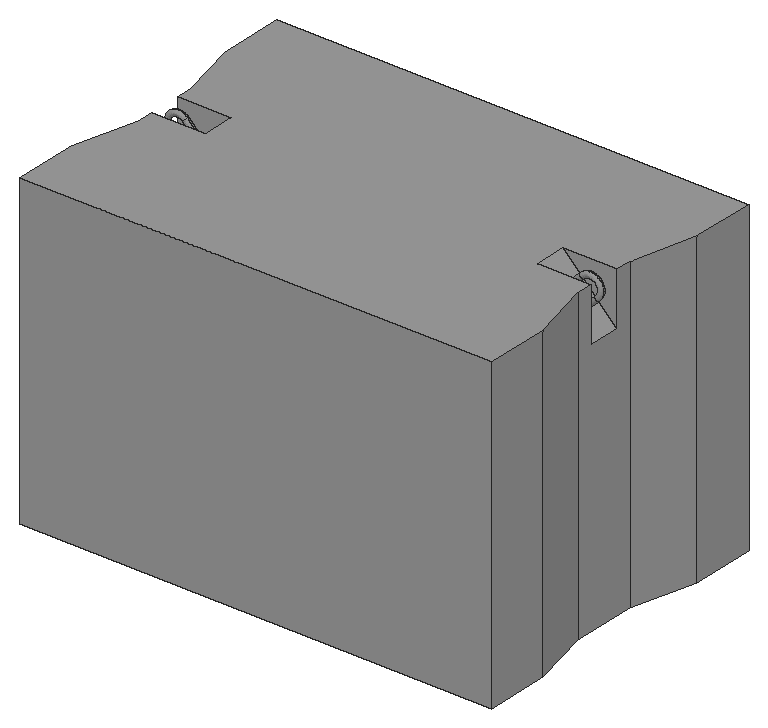
Revit family "GP_ФБС_R15", category Обобщенные модели, Revit 2015
Parameters (values of type "ФБС9.6.6-Т")
  Стоимость = 1500
  Описание = "Фундаментный бетонный блок"  # constant formula
  Материал несущих конструкций = Бетон_B7.5_F100_W2
  Изображение типоразмера = ФБС.png
  Изготовитель = "ООО «Компания Фурор-Строй»"  # constant formula
  Model = ""
  l2 = 100 mm
  l1 = 30 mm
  d3 = 40 mm
  d2 = 40 mm
  d1 = 120 mm
  GP_Электронная почта = "furorstroy@yandex.ru"  # constant formula
  GP_Прочность = "B7.5"  # constant formula
  GP_Объем = 0.293 m³
  GP_Морозостойкость = "F100"  # constant formula
  GP_Масса = 700 kg
  GP_Логотип компании = 0
  GP_Контактный телефон = "‎8-495-999-46-60, ‎8-916-155-11-85"  # constant formula
  GP_Водонепроницаемость = "W2"  # constant formula
  GP_Адрес = "Московская область, г. Подольск, ул. Шамотная, д. 11А"  # constant formula
  ADSK_Размер_Ширина = 600 mm
  ADSK_Размер_Длина = 880 mm
  ADSK_Размер_Высота = 580 mm
  ADSK_Наименование = "Фундаментный бетонный блок 9.6.6-Т"
  ADSK_Марка = "9.6.6-Т"
  ADSK_URL страницы изделия = "http://gbi-podolsk.ru/fbs/fundamentalny_blok_fbs_9_6_6t/"
Types (16, lengths in mm): name | Стоимость | Model | l1 | d1 | GP_Объем | GP_Масса | ADSK_Размер_Ширина | ADSK_Размер_Длина | ADSK_Размер_Высота | ADSK_Наименование | ADSK_Марка | ADSK_URL страницы изделия
  (no name) | 1500 | "" | 30 | 120 | 0.293 m³ | 700 kg | 600 | 880 | 580 | "Фундаментный бетонный блок 9.6.6-Т" | "9.6.6-Т" | "http://gbi-podolsk.ru/fbs/fundamentalny_blok_fbs_9_6_6t/"
  ФБС24.3.6-Т | 1700 | "ФБС" | 20 | 50 | 0.406 m³ | 970 kg | 300 | 2380 | 580 | "Фундаментный бетонный блок 24.3.6-Т" | "24.3.6-Т" | "http://gbi-podolsk.ru/fbs/fundamentnyy_blok_fbs_24_3_6t/"
  ФБС9.3.6-Т | 820 | "ФБС" | 20 | 50 | 0.146 m³ | 350 kg | 300 | 880 | 580 | "Фундаментный бетонный блок 9.3.6-Т" | "9.3.6-Т" | "http://gbi-podolsk.ru/fbs/fundamentnyy_blok_fbs_9_3_6t/"
  ФБС24.4.6-Т | 2100 | "ФБС" | 30 | 80 | 0.543 m³ | 1300 kg | 400 | 2380 | 580 | "Фундаментный бетонный блок 24.4.6-Т" | "24.4.6-Т" | "http://gbi-podolsk.ru/fbs/fundamentnyy_blok_fbs_24_4_6t/"
  ФБС12.4.6-Т | 1250 | "ФБС" | 30 | 80 | 0.265 m³ | 640 kg | 400 | 1180 | 580 | "Фундаментный бетонный блок 12.4.6-Т" | "12.4.6-Т" | "http://gbi-podolsk.ru/fbs/fundamentnyy_blok_fbs_12_4_6t/"
  ФБС12.4.3-Т | 750 | "" | 30 | 80 | 0.127 m³ | 310 kg | 400 | 1180 | 280 | "Фундаментный бетонный блок 12.4.3-Т" | "12.4.3-Т" | "http://gbi-podolsk.ru/fbs/fundamentalnyy_blok_fbs_12_4_3t/"
  ФБС9.4.6-Т | 1030 | "ФБС" | 30 | 80 | 0.195 m³ | 470 kg | 400 | 880 | 580 | "Фундаментный бетонный блок 9.4.6-Т" | "9.4.6-Т" | "http://gbi-podolsk.ru/fbs/fundamentnyy_blok_fbs_9_4_6t/"
  ФБС24.5.6-Т | 2550 | "ФБС" | 30 | 100 | 0.679 m³ | 1630 kg | 500 | 2380 | 580 | "Фундаментный бетонный блок 24.5.6-Т" | "24.5.6-Т" | "http://gbi-podolsk.ru/fbs/fundamentnyy_blok_fbs_24_5_6t/"
  ФБС12.5.6-Т | 1425 | "ФБС" | 30 | 100 | 0.331 m³ | 790 kg | 500 | 1180 | 580 | "Фундаментный бетонный блок 12.5.6-Т" | "12.5.6-Т" | "http://gbi-podolsk.ru/fbs/fundamentnyy_blok_fbs_12_5_6t/"
  ФБС12.5.3-Т | 950 | "ФБС" | 30 | 100 | 0.159 m³ | 380 kg | 500 | 1180 | 280 | "Фундаментный бетонный блок 12.5.3-Т" | "12.5.3-Т" | "http://gbi-podolsk.ru/fbs/fundamentnyy_blok_fbs_12_5_3/"
  ФБС9.5.6-Т | 1250 | "ФБС" | 30 | 100 | 0.244 m³ | 590 kg | 500 | 880 | 580 | "Фундаментный бетонный блок 9.5.6-Т" | "9.5.6-Т" | "http://gbi-podolsk.ru/fbs/fundamentnyy_blok_fbs_9_5_6t/"
  ФБС24.6.6-Т | 3200 | "ФБС" | 30 | 120 | 0.815 m³ | 1960 kg | 600 | 2380 | 580 | "Фундаментный бетонный блок 24.6.6-Т" | "24.6.6-Т" | "http://gbi-podolsk.ru/fbs/fundamentalny_blok_fbs_24_6_6t/"
  ФБС12.6.6-Т | 1850 | "ФБС" | 30 | 120 | 0.398 m³ | 960 kg | 600 | 1180 | 580 | "Фундаментный бетонный блок 12.6.6-Т" | "12.6.6-Т" | "http://gbi-podolsk.ru/fbs/fundamentalny_blok_fbs_12_6_6t/"
  ФБС12.6.3-Т | 1150 | "ФБС" | 30 | 120 | 0.191 m³ | 460 kg | 600 | 1180 | 280 | "Фундаментный бетонный блок 12.6.3-Т" | "12.6.3-Т" | "http://gbi-podolsk.ru/fbs/fundamentalny_blok_fbs_12_6_3t/"
  ФБС9.6.6-Т | 1500 | "" | 30 | 120 | 0.293 m³ | 700 kg | 600 | 880 | 580 | "Фундаментный бетонный блок 9.6.6-Т" | "9.6.6-Т" | "http://gbi-podolsk.ru/fbs/fundamentalny_blok_fbs_9_6_6t/"
  ФБС12.3.6-Т ТУ | 750 | "" | 30 | 80 | 0.127 m³ | 310 kg | 400 | 1180 | 580 | "Фундаментный бетонный блок 12.3.6-Т ТУ" | "12.3.6-Т ТУ" | "http://gbi-podolsk.ru/fbs/fundamentalnyy_blok_fbs_12_4_3t/"
Reference planes
  plane 1 "Вперед/Назад": y = 0
  plane 2: z = 0
  plane 3 "Вправо/Влево": x = 0
  plane 4: x = 880
  plane 5: y = 300
  plane 6: y = -300
  plane 7: y = 180
  plane 8: y = -180
  plane 9: x = 30
  plane 10: x = 850
  plane 11: z = 580
  plane 12: x = 130
  plane 13: z = 480
  plane 14: x = 750
  plane 15: y = -140
  plane 16: y = 140
Forms (mm)
  Extrusion 1, solid, material "Бетон_B7.5_F100_W2" <- "Материал несущих конструкций"
    sketch origin (0, 0, 0) x (1, 0, 0) y (0, 1, 0)
      loop
        line (0, 300) -> (0, 180) -> (30, 60) -> (30, -60) -> (0, -180) -> (0, -300) -> (880, -300) -> (880, -180) -> (850, -60) -> (850, 60) -> (880, 180) -> (880, 300) -> (0, 300)
    from 0 to 580
  Extrusion 2, void
    sketch origin (0, 0, 0) x (1, 0, 0) y (0, 0, 1)
      loop
        line (30, 580) -> (30, 480) -> (130, 580) -> (30, 580)
      loop
        line (850, 580) -> (750, 580) -> (850, 480) -> (850, 580)
    from -30 to 30
Cuts and joins
  Extrusion 2 cuts Extrusion 1
Dimensions and locks
  equal spacing: plane 5, plane 1 "Вперед/Назад", plane 6
  "ADSK_Размер_Ширина": plane 5 to plane 6
  "ADSK_Размер_Длина": plane 3 "Вправо/Влево" to plane 4
  "d1": plane 5 to plane 7
  "d1": plane 8 to plane 6
  "l1": plane 3 "Вправо/Влево" to plane 9
  "l1": plane 10 to plane 4
  "ADSK_Размер_Высота": plane 11 to plane 2
  "l2": plane 12 to plane 9
  "l2": plane 10 to plane 14
  "l2": plane 11 to plane 13
  "d3": plane 8 to plane 15
  "d3": plane 7 to plane 16
  aligned and locked: Extrusion 1 sketch curve to plane 5
  aligned and locked: plane 3 "Вправо/Влево" to Extrusion 1 sketch curve
  aligned and locked: Extrusion 1 sketch curve to plane 6
  aligned and locked: Extrusion 1 sketch curve to plane 4
  aligned and locked: Extrusion 1 sketch curve to plane 9
  aligned and locked: Extrusion 1 sketch curve to plane 10
  aligned and locked: plane 11 to Extrusion 1
  aligned and locked: Extrusion 1 to plane 2
  aligned and locked: Extrusion 2 sketch curve to plane 9
  aligned and locked: Extrusion 2 sketch curve to plane 11
  aligned and locked: Extrusion 2 sketch curve to plane 10
  aligned and locked: plane 11 to Extrusion 2 sketch curve
  aligned and locked: plane 9 to nested 1
  aligned and locked: nested 1 to plane 11
  aligned and locked: plane 11 to nested 2
  aligned and locked: plane 10 to nested 2
Automatic sketch dimensions
  Extrusion 1 sketch curve to plane 8 = 0 mm  (x2)
  Extrusion 1 sketch curve to plane 7 = 0 mm  (x2)
  plane 1 "Вперед/Назад" to Extrusion 1 sketch curve = 60 mm  (x2)
  Extrusion 1 sketch curve to plane 1 "Вперед/Назад" = 60 mm  (x2)
  Extrusion 1 sketch curve to plane 4 = 0 mm
  Extrusion 1 sketch curve to plane 3 "Вправо/Влево" = 0 mm
  Extrusion 2 sketch curve to plane 12 = 0 mm
  Extrusion 2 sketch curve to plane 14 = 0 mm
  Extrusion 2 sketch curve to plane 13 = 0 mm  (x2)
Nested families
  nested 1: "GP_ФБС_Петля" at (30, 0, 580) x (1, 0, 0) z (0, -1, 0), type "Петля"
  nested 2: "GP_ФБС_Петля" at (850, 0, 580) x (-1, 0, 0) z (0, -1, 0), type "Петля"
Definition of nested family "GP_ФБС_Петля"
  Parameters (values of type "GP_ФБС_Петля")
    Default Elevation = 0 mm
    Материал = none
  Reference planes
    plane 1 "По центру (Вперед/Назад)": y = 0
    plane 2: z = 0
    plane 3 "По центру (Влево/Вправо)": x = 0
  Forms (mm)
    Sweep 1, solid, material <- "Материал"
      path origin (0, 0, 0) x (1, 0, 0) y (0, 1, 0)
        loop
          line (67.678, -32.322) -> (42.678, -7.322)
          arc (42.678, -7.322) -> (7.322, -7.322) -> (7.322, -42.678) r 25
          line (7.322, -42.678) -> (32.322, -67.678)
      profile origin (55.178, -19.822, 0) x (-0.707107, -0.707107, 0) y (0, 0, 1)
        loop
          circle (5, 0) r 5
  Dimensions and locks
    plane 3 "По центру (Влево/Вправо)" to Sweep 1 sketch curve = 25 mm
    Sweep 1 sketch curve to plane 1 "По центру (Вперед/Назад)" = 25 mm
    aligned and locked: level to plane 2
